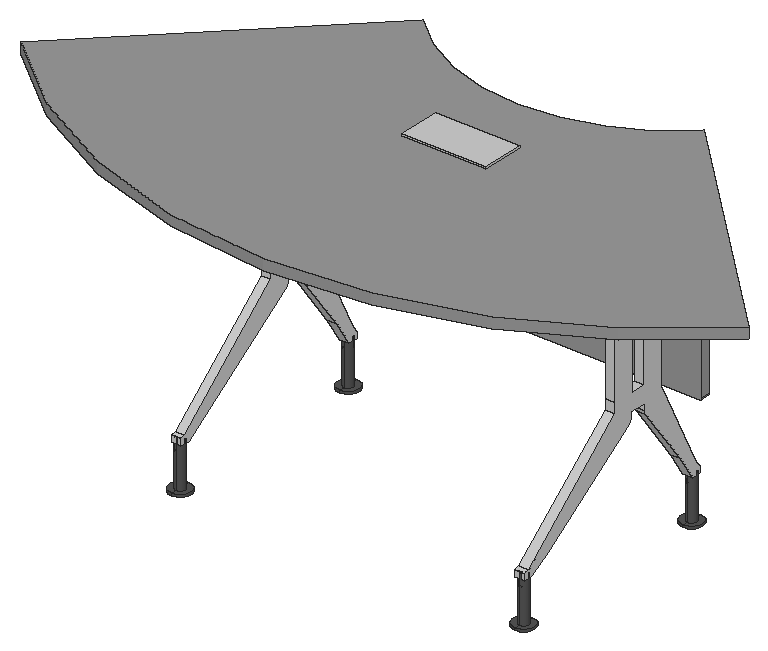
Revit family "Haworth_Planes_TrainingTable_Crescent_AP_PRELIMINARY", category Furniture, Revit 2019
Family settings
  OmniClass Number = 23.40.70.14.64.21
  OmniClass Title = Systems Furniture
  Work Plane-Based = No
  Always vertical = Yes
  Cut with Voids When Loaded = No
  Shared = No
  Room Calculation Point = No
Parameters (values of type "1700w x 750d")
  With Screen = yes
  Warranty = "http://www.haworth.com/resources/product-info/warranties"
  URL - Product = "https://www.haworth.com/ap/en/products/conference-tables/planes-0.html"
  Trim Finish = Haworth _ Polymer _ Undecided
  Top Finish [instance] = Haworth _ Laminate _ Undecided _ Tables
  Support Finish [instance] = Haworth _ Paint _ Undecided _ Table
  Small = not(Large)  # no
  Screen Width = Actual Width - 800 mm  # 900 mm
  Screen Finish [instance] = Haworth _ Fabric _ Undecided _ Screen
  Model = "WOPLTRB"  # constant formula
  Base Width = 1200 mm  # constant formula
  Leg Height = Actual Height - 25 mm  # 715 mm
  Large = yes
  Glides = yes
  Flip Top Finish = Haworth _ Paint _ Undecided _ Table
  Flip Top = yes
  Description = "Haworth - Planes - Training Table - Crescent"  # constant formula
  URL = "https://www.haworth.com/ap/en.html"
  Size = "Verify Final Dim. w/ Haworth"  # constant formula
  Revision Number = "1"  # constant formula
  Manufacturer = "Haworth"  # constant formula
  Casters = not(Glides)  # no
  Caster Finish = Haworth _ Polymer _ Black
  Author = "Haworth (Abd Rahman)"  # constant formula
  Assembly Code = "E2020200"
  Actual Width = 1700 mm  # constant formula
  Actual Height = 740 mm  # constant formula
  Actual Depth = if(Small, 650 mm, 750 mm)  # 750 mm
Reference planes
  plane 1 "Center F/B": y = 0
  plane 2: z = 0
  plane 3 "Top": z = 740
  plane 4: x = 0
  plane 5: z = 715
  plane 6: x = -600
  plane 7: x = 600
  plane 8: y = 375
  plane 9: y = -375
  plane 10: y = -325
  plane 11: x = 430
  plane 12: y = 275
  plane 13: x = -430
  plane 14: y = 102.482
  plane 15: x = 350
  plane 16: x = -350
  plane 17: z = 689.941
  plane 18: x = -850
  plane 19: x = 850
Dimensions and locks
  "Actual Height": plane 3 "Top" to level
  "Base Width": plane 6 to plane 7
  equal spacing: plane 6, plane 4, plane 7
  equal spacing: plane 8, plane 1 "Center F/B", plane 9
  "Actual Depth": plane 8 to plane 9
  locked: plane 3 "Top" to plane 5 at 25
  locked: plane 6 to plane 13 at 170
  locked: plane 11 to plane 7 at 170
  locked: plane 10 to plane 9 at 50
  locked: plane 12 to plane 8 at 100
  locked: plane 1 "Center F/B" to plane 14 at 102.482
  locked: plane 15 to plane 7 at 250
  locked: plane 6 to plane 16 at 250
  locked: plane 5 to plane 17 at 25.059
  equal spacing: plane 18, plane 4, plane 19
  "Actual Width": plane 18 to plane 19
  aligned and locked: nested 2 to plane 4
  aligned and locked: plane 1 "Center F/B" to nested 2
  aligned and locked: plane 3 "Top" to nested 2
  aligned and locked: level to nested 4
  aligned and locked: level to nested 3
  aligned and locked: nested 1 to plane 4
  aligned and locked: plane 5 to nested 1
  aligned and locked: nested 5 to plane 4
  aligned and locked: nested 6 to plane 4
  aligned and locked: nested 6 to plane 3 "Top"
  aligned and locked: plane 1 "Center F/B" to nested 4
  aligned and locked: nested 4 to plane 11
  aligned and locked: plane 1 "Center F/B" to nested 3
  aligned and locked: plane 13 to nested 3
  aligned and locked: plane 14 to nested 5
  aligned and locked: nested 7 to plane 15
  aligned and locked: plane 1 "Center F/B" to nested 7
  aligned and locked: nested 8 to plane 16
  aligned and locked: nested 8 to plane 1 "Center F/B"
  aligned and locked: nested 8 to plane 5
  aligned and locked: plane 5 to nested 7
  aligned and locked: nested 5 to plane 17
  aligned and locked: nested 1 to plane 12
  aligned and locked: plane 14 to nested 6
Nested families
  nested 1: "Haworth_Planes_ModestyPanel-PART" at (0, -116, -463.707), Screen Finish <- "Screen Finish", Trim Finish <- "Trim Finish", visible <- "With Screen", type "Modesty Panel"
    with Trim Finish Haworth _ Polymer _ Undecided, Screen Finish Haworth _ Fabric _ Undecided _ Screen, Actual Width 900 mm
  nested 2: "Haworth_Planes_Top_Training_Crescent_AP-PART" at (556.859, 72.1, 5), Top Finish <- "Top Finish", type "Training Table - Top"
    with Top Finish Haworth _ Laminate _ Undecided _ Tables, Squared Corners - Small no, Squared Corners - Large yes, Actual Depth 750 mm
  nested 3: "Haworth_Planes_YLeg_Linear-PART" at (-884, 29.1, 0.293), Support Finish <- "Support Finish", type "Leg"
    with Support Finish Haworth _ Paint _ Undecided _ Table, Glides yes, Casters no
  nested 4: "Haworth_Planes_YLeg_Linear-PART" at (-70, 29.1, 0.293), Support Finish <- "Support Finish", type "Leg"
    with Support Finish Haworth _ Paint _ Undecided _ Table, Glides yes, Casters no
  nested 5: "Haworth_Planes_Beam_Understructure-PART" at (0, 131.582, -25.059), Support Finish <- "Support Finish", type "Beam Understructure"
    with Support Finish Haworth _ Paint _ Undecided _ Table, Actual Width 800 mm
  nested 6: "Haworth-Flip Top" at (-14.487, 101.149, -60), visible <- "Flip Top", type "Flip Top - Visio"
    with Actual Width 200 mm, Actual Depth 100 mm
  nested 7: "Haworth_Planes_DeskUnderstructure-PART" at (350, 29.1, 0), Support Finish <- "Support Finish", type "Desk Understructure"
    with Support Finish Haworth _ Paint _ Undecided _ Table
  nested 8: "Haworth_Planes_DeskUnderstructure-PART" at (-350, 29.1, 0) x (-1, 0, 0) z (0, 0, 1), Support Finish <- "Support Finish", type "Desk Understructure"
    with Support Finish Haworth _ Paint _ Undecided _ Table
Definition of nested family "Haworth_Planes_ModestyPanel-PART"
  Parameters (values of type "Modesty Panel")
    Warranty = "http://www.haworth.com/resources/product-info/warranties"
    URL - Product = "\"Haworth - Planes - Modesty Panel\""
    URL = "https://www.haworth.com/eu/en.html"
    Trim Finish [instance] = none
    Thickness = 32 mm  # constant formula
    Size = "Verify Final Dim. w/ Haworth"  # constant formula
    Screen Finish [instance] = none
    Revision Number = ""
    Model = "Haworth - Planes - Modesty Panel"  # constant formula
    Manufacturer = "Haworth"  # constant formula
    Description = "Haworth - Planes - Modesty Panel"  # constant formula
    Author = "Haworth (Abd Rahman)"  # constant formula
    Assembly Code = ""
    Actual Width = 1300 mm
    Actual Height = 400 mm
    Actual Depth = 20 mm  # constant formula
  Reference planes
    plane 1 "Center F/B": y = 381
    plane 2: z = 0
    plane 3 "Center L/R": x = 0
    plane 4 "Table Front": y = 391
    plane 5 "Table Right": x = 650
    plane 6 "Table Left": x = -650
    plane 7 "Table Back": y = 371
    plane 8: z = 745.582
    plane 9: z = 1145.582
    plane 10: x = 400.779
    plane 11: x = -400.779
    plane 12: z = 1178.707
    plane 13: y = 399.573
  Forms (mm)
    Extrusion 1, solid, material <- "Screen Finish"
      sketch origin (0, 391, 0) x (-1, 0, 0) y (0, 0, 1)
        loop
          line (645, 1145.582) -> (-645, 1145.582)
          arc (-645, 1145.582) -> (-648.536, 1144.118) -> (-650, 1140.582) r 5
          line (-650, 1140.582) -> (-650, 750.582)
          arc (-650, 750.582) -> (-648.536, 747.047) -> (-645, 745.582) r 5
          line (-645, 745.582) -> (645, 745.582)
          arc (645, 745.582) -> (648.536, 747.047) -> (650, 750.582) r 5
          line (650, 750.582) -> (650, 1140.582)
          arc (650, 1140.582) -> (648.536, 1144.118) -> (645, 1145.582) r 5
      from -20 to 0
  Lines and regions (mm)
    Masking region 1
      outline origin (0, 0, 0) x (1, 0, 0) y (0, 1, 0)
        loop
          line (-650, 391) -> (-650, 371) -> (650, 371) -> (650, 391) -> (-650, 391)
  Dimensions and locks
    "Actual Depth": plane 7 "Table Back" to plane 4 "Table Front"
    "Actual Width": plane 6 "Table Left" to plane 5 "Table Right"
    equal spacing: plane 6 "Table Left", plane 3 "Center L/R", plane 5 "Table Right"
    equal spacing: plane 4 "Table Front", plane 1 "Center F/B", plane 7 "Table Back"
    "Actual Height": plane 9 to plane 8
    locked: plane 11 to plane 6 "Table Left" at 249.221
    locked: plane 10 to plane 5 "Table Right" at 249.221
    plane 12 to plane 9 = 33.125 mm
    aligned and locked: Extrusion 1 sketch curve to plane 5 "Table Right"
    aligned and locked: plane 8 to Extrusion 1 sketch curve
    aligned and locked: nested 1 to plane 10
    aligned and locked: nested 2 to plane 11
    aligned and locked: plane 4 "Table Front" to Extrusion 1
    aligned and locked: plane 7 "Table Back" to Extrusion 1
    aligned and locked: plane 12 to nested 1
    aligned and locked: plane 12 to nested 2
    aligned and locked: plane 13 to nested 2
    aligned and locked: plane 13 to nested 1
    aligned and locked: plane 6 "Table Left" to Masking region 1 sketch curve
    aligned and locked: Masking region 1 sketch curve to plane 7 "Table Back"
    aligned and locked: plane 5 "Table Right" to Masking region 1 sketch curve
    aligned and locked: Masking region 1 sketch curve to plane 4 "Table Front"
  Automatic sketch dimensions
    plane 5 "Table Right" to Extrusion 1 sketch curve = 5 mm  (x2)
    Extrusion 1 sketch curve to Extrusion 1 sketch curve = 5 mm  (x2)
    Extrusion 1 sketch curve to plane 6 "Table Left" = 0 mm
    Extrusion 1 sketch curve to plane 9 = 0 mm
  Nested families
    nested 1: "Haworth_Planes_ModestyPanel-FixingKit-PART" at (11.175, 2353.951, 465.107), Trim Finish <- "Trim Finish", type "Fixing Kit"
      with Trim Finish none
    nested 2: "Haworth_Planes_ModestyPanel-FixingKit-PART" at (-790.384, 2353.951, 465.107), Trim Finish <- "Trim Finish", type "Fixing Kit"
      with Trim Finish none
  Definition of nested family "Haworth_Planes_ModestyPanel-FixingKit-PART"
    Parameters (values of type "Fixing Kit")
      Warranty = "http://www.haworth.com/resources/product-info/warranties"
      URL - Product = "https://www.haworth.com/eu/en/products/conference-tables/planes-0.html"
      URL = "https://www.haworth.com/eu/en.html"
      Trim Finish [instance] = none
      Size = "Verify Final Dim. w/ Haworth"  # constant formula
      Revision Number = ""
      Model = "Haworth - Planes - Modesty Panel"  # constant formula
      Manufacturer = "Haworth"  # constant formula
      Description = "Haworth - Planes - Modesty Panel"  # constant formula
      Author = "Haworth (Abd Rahman)"  # constant formula
      Assembly Code = ""
      Actual Width = 60 mm  # constant formula
      Actual Height = 400 mm
      Actual Depth = 80 mm  # constant formula
    Reference planes
      plane 1: z = 0
      plane 2: x = 419.604
      plane 3: x = 359.604
      plane 4: y = -2045.451
      plane 5: y = -1965.451
      plane 6: x = 389.604
      plane 7: y = -2005.451
      plane 8: z = 713.6
      plane 9: z = 646.069
    Forms (mm)
      Extrusion 1, solid, material <- "Trim Finish"
        sketch origin (0, 0, 0) x (1, 0, 0) y (0, 1, 0)
          loop
            line (359.604, -1966.95) -> (359.604, -2043.951) -> (361.104, -2045.451) -> (418.104, -2045.451) -> (419.604, -2043.951) -> (419.604, -1966.95) -> (418.104, -1965.451) -> (400.162, -1965.451) -> (400.162, -1990.429) -> (379.046, -1990.429) -> (379.046, -1965.451) -> (361.104, -1965.451) -> (359.604, -1966.95)
        from 694.159 to 713.6
      Extrusion 2, solid, material <- "Trim Finish"
        sketch origin (0, 0, 0) x (1, 0, 0) y (0, 1, 0)
          loop
            line (382.136, -1955.878) -> (382.136, -1990.429) -> (397.072, -1990.429) -> (397.072, -1955.878) -> (395.572, -1954.378) -> (383.637, -1954.378) -> (382.136, -1955.878)
        from 703.859 to 710.25
      Extrusion 3, solid, material <- "Trim Finish"
        sketch origin (700, 0, 0) x (0, -1, 0) y (0, 0, 1)
          loop
            line (2038.451, 694.159) -> (1970.296, 694.159) -> (1970.296, 683.014)
            arc (1970.296, 683.014) -> (1971.43, 680.646) -> (1973.987, 680.046) r 3.039
            line (1973.987, 680.046) -> (2038.451, 694.159)
        from 283.261 to 337.338
      Extrusion 4, solid, material <- "Trim Finish"
        sketch origin (700, 0, 0) x (0, -1, 0) y (0, 0, 1)
          loop
            arc (1989.867, 673.842) -> (1986.219, 683.857) -> (1977.537, 690.041) r 17.962
            arc (1977.537, 690.041) -> (1969.985, 689.966) -> (1965.918, 683.601) r 7.933
            line (1965.918, 683.601) -> (1965.918, 678.966) -> (1970.296, 678.966) -> (1970.296, 683.343) -> (1976.219, 683.343) -> (1976.219, 678.966) -> (1981.884, 678.966) -> (1981.884, 646.069) -> (1989.867, 646.069) -> (1989.867, 673.842)
        from 280.3 to 340.299
      Extrusion 5, void
        sketch origin (0, 397, 0) x (-1, 0, 0) y (0, 0, 1)
          loop
            line (-413.2, 690.94) -> (-413.2, 669.953) -> (-416.701, 669.953)
            arc (-416.701, 669.953) -> (-418.822, 669.074) -> (-419.7, 666.953) r 3
            line (-419.7, 666.953) -> (-419.7, 649.069)
            arc (-419.7, 649.069) -> (-418.822, 646.947) -> (-416.7, 646.069) r 3
            line (-416.7, 646.069) -> (-362.443, 646.069)
            arc (-362.443, 646.069) -> (-360.322, 646.947) -> (-359.443, 649.069) r 3
            line (-359.443, 649.069) -> (-359.443, 666.982)
            arc (-359.443, 666.982) -> (-360.313, 669.083) -> (-362.413, 669.953) r 2.97
            line (-362.413, 669.953) -> (-365.943, 669.953) -> (-365.943, 690.94) -> (-378.572, 690.94) -> (-378.572, 669.953) -> (-400.572, 669.953) -> (-400.572, 690.94) -> (-413.2, 690.94)
          loop
            line (-354.992, 695.369) -> (-426.878, 695.369) -> (-426.878, 640.369) -> (-354.992, 640.369) -> (-354.992, 695.369)
        from -2414.06 to -2318.616
      Extrusion 6, solid, material <- "Trim Finish"
        sketch origin (0, 0, 0) x (1, 0, 0) y (0, 1, 0)
          loop
            line (400.162, -1990.429) -> (400.162, -1965.451) -> (379.046, -1965.451) -> (379.046, -1990.429) -> (400.162, -1990.429)
        from 694.159 to 707.6
    Cuts and joins
      Extrusion 5 cuts Extrusion 4
      joined: Extrusion 1, Extrusion 2, Extrusion 3, Extrusion 4, Extrusion 6
    Lines and regions (mm)
      Masking region 1
        outline origin (0, 0, 0) x (1, 0, 0) y (0, 1, 0)
          loop
            line (359.604, -1966.95) -> (359.604, -2043.951) -> (361.104, -2045.451) -> (418.104, -2045.451) -> (419.604, -2043.951) -> (419.604, -1966.95) -> (418.104, -1965.451) -> (400.162, -1965.451) -> (400.162, -1990.429) -> (397.072, -1990.429) -> (397.072, -1955.878) -> (395.572, -1954.378) -> (383.637, -1954.378) -> (382.136, -1955.878) -> (382.136, -1990.429) -> (379.046, -1990.429) -> (379.046, -1965.451) -> (361.104, -1965.451) -> (359.604, -1966.95)
    Dimensions and locks
      equal spacing: plane 3, plane 6, plane 2
      "Actual Width": plane 3 to plane 2
      "Actual Depth": plane 4 to plane 5
      equal spacing: plane 4, plane 7, plane 5
    Automatic sketch dimensions
      Extrusion 1 sketch curve to plane 3 = 0 mm
      plane 4 to Extrusion 1 sketch curve = 0 mm
      plane 5 to Extrusion 1 sketch curve = 0 mm  (x2)
      Extrusion 1 sketch curve to plane 2 = 0 mm
      Extrusion 1 sketch curve to plane 3 = 1.5 mm  (x2)
      Extrusion 1 sketch curve to plane 6 = 10.558 mm
      plane 6 to Extrusion 1 sketch curve = 10.558 mm
      plane 2 to Extrusion 1 sketch curve = 1.5 mm  (x2)
      Extrusion 1 sketch curve to plane 4 = 1.5 mm  (x2)
      plane 5 to Extrusion 1 sketch curve = 1.5 mm  (x2)
      Extrusion 2 sketch curve to plane 6 = 7.468 mm
      Extrusion 2 sketch curve to Extrusion 2 sketch curve = 1.5 mm  (x3)
      plane 6 to Extrusion 2 sketch curve = 5.968 mm
      Extrusion 2 sketch curve to plane 5 = 9.573 mm  (x2)
      plane 5 to Extrusion 3 sketch curve = 4.845 mm
      Extrusion 3 sketch curve to Extrusion 3 sketch curve = 3.039 mm
      Extrusion 3 sketch curve to Extrusion 3 sketch curve = 0.652 mm
      Extrusion 3 sketch curve to plane 4 = 7 mm
      Extrusion 3 sketch curve to Extrusion 3 sketch curve = 11.145 mm
      plane 5 to Extrusion 4 sketch curve = 0.468 mm
      Extrusion 4 sketch curve to Extrusion 4 sketch curve = 4.378 mm
      Extrusion 4 sketch curve to Extrusion 4 sketch curve = 1.629 mm
      Extrusion 4 sketch curve to Extrusion 4 sketch curve = 3.535 mm
      Extrusion 4 sketch curve to Extrusion 4 sketch curve = 2.388 mm
      plane 5 to Extrusion 4 sketch curve = 16.433 mm
      Extrusion 4 sketch curve to Extrusion 4 sketch curve = 7.983 mm
      Extrusion 4 sketch curve to Extrusion 4 sketch curve = 26.91 mm
      Extrusion 4 sketch curve to Extrusion 4 sketch curve = 0.864 mm
      Extrusion 4 sketch curve to Extrusion 4 sketch curve = 5.987 mm  (x2)
      Extrusion 4 sketch curve to Extrusion 4 sketch curve = 4.062 mm
      Extrusion 4 sketch curve to Extrusion 4 sketch curve = 0.316 mm
      Extrusion 4 sketch curve to Extrusion 4 sketch curve = 0.258 mm
      Extrusion 5 sketch curve to plane 2 = 7.274 mm
      Extrusion 5 sketch curve to plane 2 = 0.096 mm
      plane 2 to Extrusion 5 sketch curve = 2.904 mm  (x2)
      Extrusion 5 sketch curve to Extrusion 5 sketch curve = 3.5 mm
      plane 6 to Extrusion 5 sketch curve = 10.967 mm
      Extrusion 5 sketch curve to plane 6 = 11.033 mm
      Extrusion 5 sketch curve to plane 3 = 6.339 mm
      Extrusion 5 sketch curve to plane 3 = 2.839 mm
      Extrusion 5 sketch curve to plane 3 = 2.809 mm
      plane 3 to Extrusion 5 sketch curve = 0.161 mm
      plane 3 to Extrusion 5 sketch curve = 4.613 mm
      Extrusion 5 sketch curve to Extrusion 5 sketch curve = 5.7 mm
      Extrusion 5 sketch curve to Extrusion 5 sketch curve = 17.884 mm
      Extrusion 5 sketch curve to Extrusion 5 sketch curve = 17.914 mm
      Extrusion 5 sketch curve to Extrusion 5 sketch curve = 0 mm
      Extrusion 5 sketch curve to Extrusion 5 sketch curve = 20.987 mm  (x2)
      Extrusion 5 sketch curve to Extrusion 5 sketch curve = 4.429 mm
      plane 5 to Extrusion 6 sketch curve = 0 mm
      Extrusion 6 sketch curve to plane 6 = 10.558 mm
      plane 6 to Extrusion 6 sketch curve = 10.558 mm
      Extrusion 1 sketch curve to Extrusion 1 sketch curve = 24.978 mm
      plane 5 to Extrusion 2 sketch curve = 24.978 mm
      plane 5 to Extrusion 6 sketch curve = 24.978 mm
      level to Extrusion 3 sketch curve = 680.046 mm
      level to Extrusion 4 sketch curve = 646.069 mm
      level to Extrusion 5 sketch curve = 640.369 mm
      Masking region 1 sketch curve to plane 3 = 0 mm
      plane 4 to Masking region 1 sketch curve = 0 mm
      plane 5 to Masking region 1 sketch curve = 0 mm  (x2)
      Masking region 1 sketch curve to plane 2 = 0 mm
      Masking region 1 sketch curve to plane 3 = 1.5 mm  (x2)
      Masking region 1 sketch curve to plane 6 = 10.558 mm
      plane 6 to Masking region 1 sketch curve = 10.558 mm
      plane 2 to Masking region 1 sketch curve = 1.5 mm  (x2)
      Masking region 1 sketch curve to plane 4 = 1.5 mm  (x2)
      plane 7 to Masking region 1 sketch curve = 15.022 mm  (x2)
      plane 5 to Masking region 1 sketch curve = 1.5 mm  (x2)
      Masking region 1 sketch curve to Masking region 1 sketch curve = 3.09 mm  (x2)
      Masking region 1 sketch curve to plane 5 = 9.573 mm
      Masking region 1 sketch curve to Masking region 1 sketch curve = 1.5 mm  (x3)
      plane 6 to Masking region 1 sketch curve = 5.968 mm
Definition of nested family "Haworth_Planes_Top_Training_Crescent_AP-PART"
  Parameters (values of type "Training Table - Top")
    Warranty = "http://www.haworth.com/resources/product-info/warranties"
    URL - Product = ""
    URL = ""
    Top Finish [instance] = none
    Thickness = 25 mm
    Squared Corners - Small = yes
    Squared Corners - Large = no
    Small = no
    Size = "Verify Final Dim. w/ Haworth"  # constant formula
    Revision Number = "1"  # constant formula
    Model = ""
    Manufacturer = "Haworth"  # constant formula
    Large = yes
    Description = ""
    Cascade - Small = no
    Cascade - Large = no
    Author = "Haworth (Abd Rahman)"  # constant formula
    Assembly Code = "E2020200"
    Actual Width = 1700 mm
    Actual Mounting Height = 450 mm
    Actual Depth = 650 mm
  Reference planes
    plane 1: z = -5
    plane 2: x = -1406.859
    plane 3: x = 293.141
    plane 4: x = -556.859
    plane 5: y = 252.9
    plane 6: y = -397.1
    plane 7: y = -72.1
    plane 8: z = 735
    plane 9: z = 710
    plane 10: z = 725.685
  Forms (mm)
    Extrusion 1, solid, material <- "Top Finish", visible <- "Squared Corners - Small"
      sketch origin (0, 10, -5) x (1, 0, 0) y (0, 1, 0)
        loop
          line (304.641, -135.942) -> (-151.633, 270.332)
          arc (-151.633, 270.332) -> (-556.737, 106.723) -> (-961.841, 270.332) r 583.333
          line (-961.841, 270.332) -> (-1418.115, -135.942)
          arc (-1418.115, -135.942) -> (-556.737, -507.342) -> (304.641, -135.942) r 1184.585
      from 715 to 740
    Blend 2, solid, material <- "Top Finish", visible <- "Cascade - Small"
      base sketch origin (0, 10, -5) x (1, 0, 0) y (0, 1, 0)
        loop
          line (-961.583, 252.206) -> (-1399.671, -135.882)
          arc (-1399.671, -135.882) -> (-556.737, -493.957) -> (286.197, -135.882) r 1171.2
          line (286.197, -135.882) -> (-151.891, 252.206)
          arc (-151.891, 252.206) -> (-556.737, 93.723) -> (-961.583, 252.206) r 596.333
      top sketch origin (0, 10, -5) x (1, 0, 0) y (0, 1, 0)
        loop
          line (304.641, -135.942) -> (-151.633, 270.332)
          arc (-151.633, 270.332) -> (-556.737, 106.723) -> (-961.841, 270.332) r 583.333
          line (-961.841, 270.332) -> (-1418.115, -135.942)
          arc (-1418.115, -135.942) -> (-556.737, -507.342) -> (304.641, -135.942) r 1184.585
      from 715 to 730.685
    Extrusion 3, solid, material <- "Top Finish", visible <- "Cascade - Small"
      sketch origin (0, 10, -5) x (1, 0, 0) y (0, 1, 0)
        loop
          line (304.641, -135.942) -> (-151.633, 270.332)
          arc (-151.633, 270.332) -> (-556.737, 106.723) -> (-961.841, 270.332) r 583.333
          line (-961.841, 270.332) -> (-1418.115, -135.942)
          arc (-1418.115, -135.942) -> (-556.737, -507.342) -> (304.641, -135.942) r 1184.585
      from 730.685 to 740
    Extrusion 4, solid, material <- "Top Finish", visible <- "Squared Corners - Large"
      sketch origin (-10, 60, -5) x (1, 0, 0) y (0, 1, 0)
        loop
          line (306.757, -244.773) -> (-223.333, 235.318)
          arc (-223.333, 235.318) -> (-555.742, 97.455) -> (-888.15, 235.318) r 469.674
          line (-888.15, 235.318) -> (-1418.241, -244.773)
          arc (-1418.241, -244.773) -> (-555.742, -618.019) -> (306.757, -244.773) r 1183.156
      from 715 to 740
    Blend 5, solid, material <- "Top Finish", visible <- "Cascade - Large"
      base sketch origin (-10, 60, -5) x (1, 0, 0) y (0, 1, 0)
        loop
          arc (-223.449, 217.049) -> (-555.742, 84.455) -> (-888.034, 217.049) r 482.674
          line (-888.034, 217.049) -> (-1399.82, -244.737)
          arc (-1399.82, -244.737) -> (-555.742, -604.635) -> (288.337, -244.737) r 1169.771
          line (288.337, -244.737) -> (-223.449, 217.049)
      top sketch origin (-10, 60, -5) x (1, 0, 0) y (0, 1, 0)
        loop
          line (306.757, -244.773) -> (-223.333, 235.318)
          arc (-223.333, 235.318) -> (-555.742, 97.455) -> (-888.15, 235.318) r 469.674
          line (-888.15, 235.318) -> (-1418.241, -244.773)
          arc (-1418.241, -244.773) -> (-555.742, -618.019) -> (306.757, -244.773) r 1183.156
      from 715 to 730.685
    Extrusion 6, solid, material <- "Top Finish", visible <- "Cascade - Large"
      sketch origin (-10, 60, -5) x (1, 0, 0) y (0, 1, 0)
        loop
          line (306.757, -244.773) -> (-223.333, 235.318)
          arc (-223.333, 235.318) -> (-555.742, 97.455) -> (-888.15, 235.318) r 469.674
          line (-888.15, 235.318) -> (-1418.241, -244.773)
          arc (-1418.241, -244.773) -> (-555.742, -618.019) -> (306.757, -244.773) r 1183.156
      from 730.685 to 740
  Cuts and joins
    joined: Blend 2, Extrusion 3
    joined: Blend 5, Extrusion 6
  Lines and regions (mm)
    Masking region 1, visible <- "Small"
      outline origin (0, 10, -5) x (1, 0, 0) y (0, 1, 0)
        loop
          line (304.641, -135.942) -> (-151.633, 270.332)
          arc (-151.633, 270.332) -> (-556.737, 106.723) -> (-961.841, 270.332) r 583.333
          line (-961.841, 270.332) -> (-1418.115, -135.942)
          arc (-1418.115, -135.942) -> (-556.737, -507.342) -> (304.641, -135.942) r 1184.585
    Masking region 2, visible <- "Large"
      outline origin (-10, 60, -5) x (1, 0, 0) y (0, 1, 0)
        loop
          line (306.757, -244.773) -> (-223.333, 235.318)
          arc (-223.333, 235.318) -> (-555.742, 97.455) -> (-888.15, 235.318) r 469.674
          line (-888.15, 235.318) -> (-1418.241, -244.773)
          arc (-1418.241, -244.773) -> (-555.742, -618.019) -> (306.757, -244.773) r 1183.156
  Dimensions and locks
    equal spacing: plane 2, plane 4, plane 3
    equal spacing: plane 6, plane 7, plane 5
    "Actual Width": plane 2 to plane 3
    "Actual Depth": plane 6 to plane 5
    plane 8 to plane 10 to plane 9 = 9.315 mm locked, 15.685 mm locked
    aligned and locked: level to plane 1
    aligned and locked: plane 8 to Extrusion 1
    aligned and locked: Extrusion 1 to plane 9
    aligned and locked: Blend 2 to plane 9
    aligned and locked: plane 10 to Blend 2
    aligned and locked: plane 8 to Extrusion 3
    aligned and locked: Extrusion 3 to plane 10
  Automatic sketch dimensions
    plane 2 to Extrusion 1 sketch curve = 11.256 mm
    Extrusion 1 sketch curve to plane 5 = 27.432 mm  (x2)
    Extrusion 1 sketch curve to plane 4 = 404.982 mm
    plane 4 to Extrusion 1 sketch curve = 0.122 mm  (x2)
    Extrusion 1 sketch curve to plane 3 = 11.5 mm
    plane 7 to Extrusion 1 sketch curve = 53.842 mm
    Extrusion 1 sketch curve to plane 5 = 434.343 mm
    Extrusion 1 sketch curve to Extrusion 1 sketch curve = 12.813 mm
    Blend 2 sketch curve to plane 5 = 9.306 mm  (x2)
    Blend 2 sketch curve to plane 4 = 404.724 mm
    plane 4 to Blend 2 sketch curve = 0.122 mm  (x4)
    plane 7 to Blend 2 sketch curve = 53.782 mm
    Blend 2 sketch curve to plane 5 = 434.343 mm  (x2)
    Blend 2 sketch curve to Blend 2 sketch curve = 12.813 mm  (x2)
    plane 2 to Blend 2 sketch curve = 11.256 mm
    Blend 2 sketch curve to plane 5 = 27.432 mm  (x2)
    Blend 2 sketch curve to plane 4 = 404.982 mm
    Blend 2 sketch curve to plane 3 = 11.5 mm
    plane 7 to Blend 2 sketch curve = 53.842 mm
    plane 2 to Extrusion 3 sketch curve = 11.256 mm
    Extrusion 3 sketch curve to plane 5 = 27.432 mm  (x2)
    Extrusion 3 sketch curve to plane 4 = 404.982 mm
    plane 4 to Extrusion 3 sketch curve = 0.122 mm  (x2)
    Extrusion 3 sketch curve to plane 3 = 11.5 mm
    plane 7 to Extrusion 3 sketch curve = 53.842 mm
    Extrusion 3 sketch curve to plane 5 = 434.343 mm
    Extrusion 3 sketch curve to Extrusion 3 sketch curve = 12.813 mm
    plane 2 to Masking region 1 sketch curve = 11.256 mm
    Masking region 1 sketch curve to plane 5 = 27.432 mm  (x2)
    Masking region 1 sketch curve to plane 4 = 404.982 mm
    plane 4 to Masking region 1 sketch curve = 0.122 mm  (x2)
    Masking region 1 sketch curve to plane 3 = 11.5 mm
    plane 7 to Masking region 1 sketch curve = 53.842 mm
    Masking region 1 sketch curve to plane 5 = 434.343 mm
    Masking region 1 sketch curve to Masking region 1 sketch curve = 12.813 mm
    Masking region 2 sketch curve to Masking region 2 sketch curve = 0 mm
    Masking region 2 sketch curve to plane 5 = 372.236 mm
    Masking region 2 sketch curve to Masking region 2 sketch curve = 1.993 mm
    plane 7 to Masking region 2 sketch curve = 112.673 mm  (x2)
    plane 2 to Masking region 2 sketch curve = 21.382 mm
    Masking region 2 sketch curve to Masking region 2 sketch curve = 530.091 mm
    Masking region 2 sketch curve to Masking region 2 sketch curve = 332.408 mm
    plane 7 to Extrusion 6 sketch curve = 112.673 mm  (x2)
    plane 2 to Extrusion 6 sketch curve = 21.382 mm
    Extrusion 6 sketch curve to Extrusion 6 sketch curve = 530.091 mm
    Extrusion 6 sketch curve to Extrusion 6 sketch curve = 332.408 mm
    Extrusion 6 sketch curve to Extrusion 6 sketch curve = 0 mm
    Extrusion 6 sketch curve to plane 5 = 372.236 mm
    Extrusion 6 sketch curve to Extrusion 6 sketch curve = 1.993 mm
    plane 7 to Extrusion 4 sketch curve = 112.673 mm  (x2)
    plane 2 to Extrusion 4 sketch curve = 21.382 mm
    Extrusion 4 sketch curve to Extrusion 4 sketch curve = 530.091 mm
    Extrusion 4 sketch curve to Extrusion 4 sketch curve = 332.408 mm
    Extrusion 4 sketch curve to Extrusion 4 sketch curve = 0 mm
    Extrusion 4 sketch curve to plane 5 = 372.236 mm
    Extrusion 4 sketch curve to Extrusion 4 sketch curve = 1.993 mm
    plane 7 to Blend 5 sketch curve = 112.673 mm  (x2)
    plane 2 to Blend 5 sketch curve = 21.382 mm
    Blend 5 sketch curve to Blend 5 sketch curve = 530.091 mm
    Blend 5 sketch curve to Blend 5 sketch curve = 332.408 mm
    Blend 5 sketch curve to Blend 5 sketch curve = 0 mm  (x2)
    Blend 5 sketch curve to plane 5 = 372.236 mm
    Blend 5 sketch curve to Blend 5 sketch curve = 1.993 mm  (x2)
    plane 7 to Blend 5 sketch curve = 112.637 mm  (x2)
    plane 2 to Blend 5 sketch curve = 2.961 mm
    Blend 5 sketch curve to Blend 5 sketch curve = 511.786 mm
    Blend 5 sketch curve to plane 5 = 374.229 mm
    Blend 5 sketch curve to Blend 5 sketch curve = 332.292 mm
    plane 3 to Blend 2 sketch curve = 6.944 mm
    Blend 2 sketch curve to plane 2 = 7.188 mm
    Extrusion 4 sketch curve to plane 5 = 42.418 mm
    plane 4 to Extrusion 4 sketch curve = 323.526 mm
    Blend 5 sketch curve to plane 5 = 24.149 mm
    plane 4 to Blend 5 sketch curve = 323.41 mm
    Blend 5 sketch curve to plane 5 = 42.418 mm
    plane 4 to Blend 5 sketch curve = 323.526 mm
    Extrusion 6 sketch curve to plane 5 = 42.418 mm
    plane 4 to Extrusion 6 sketch curve = 323.526 mm
    Masking region 2 sketch curve to plane 5 = 42.418 mm
    plane 4 to Masking region 2 sketch curve = 323.526 mm
Definition of nested family "Haworth_Planes_YLeg_Linear-PART"
  Parameters (values of type "Leg")
    Support Finish [instance] = none
    Leg Height = 715 mm
    Glides = no
    Casters = yes
    Caster Finish = none
    Assembly Code = ""
    Actual Width = 46 mm  # constant formula
    Actual Depth = 615 mm  # constant formula
  Reference planes
    plane 1 "Center (Front/Back)": y = -29.1
    plane 2: z = 0
    plane 3: x = 0
    plane 4 "Bottom of Top": z = 715
    plane 5: x = 500
    plane 6: y = -336.6
    plane 7: y = 278.4
    plane 8: x = 454
    plane 9: x = 478.436
    plane 10: y = 73.381
  Forms (mm)
    Extrusion 1, solid, material <- "Support Finish"
      sketch origin (0, 0, 0) x (0, 1, 0) y (0, 0, 1)
        loop
          line (141.775, 362.671) -> (141.775, 711.5) -> (138.276, 715) -> (95.4, 715) -> (91.901, 711.5) -> (91.901, 710) -> (91.902, 362.671) -> (54.861, 362.671) -> (54.862, 711.5) -> (51.363, 715) -> (4.987, 715) -> (4.987, 362.671) -> (4.987, 339.141) -> (-250.67, 120.532) -> (-261.964, 117.447) -> (-261.964, 102.565) -> (-240.287, 102.565) -> (-193.351, 131.527) -> (45.922, 298.707)
          arc (45.922, 298.707) -> (51.055, 304.416) -> (53.083, 311.821) r 16.665
          line (53.083, 311.821) -> (53.463, 322.671) -> (93.069, 322.671) -> (93.517, 307.315)
          arc (93.517, 307.315) -> (94.461, 302.191) -> (96.907, 297.591) r 17.074
          line (96.907, 297.591) -> (198.363, 160.527) -> (235.55, 102.565) -> (257.964, 102.565) -> (257.964, 117.447) -> (245.98, 132.282) -> (141.775, 339.141) -> (141.775, 362.671)
      from 467.621 to 489.832
    Extrusion 2, solid, material <- "Caster Finish"
      sketch origin (0, -0.312, 0) x (1, 0, 0) y (0, 1, 0)
        loop
          circle (477.789, -250.983) r 5.7
      from 61.935 to 87.325
    Extrusion 3, solid, material <- "Caster Finish"
      sketch origin (1.094, 0, 0) x (1, 0, 0) y (0, 1, 0)
        loop
          circle (477.656, -250.983) r 10.981
      from 87.325 to 117.447
    Extrusion 4, solid, material <- "Caster Finish"
      sketch origin (0, 497.653, 0) x (1, 0, 0) y (0, 1, 0)
        loop
          circle (477.789, -250.983) r 5.7
      from 61.935 to 87.325
    Extrusion 5, solid, material <- "Caster Finish"
      sketch origin (1.094, 497.966, 0) x (1, 0, 0) y (0, 1, 0)
        loop
          circle (477.656, -250.983) r 10.981
      from 87.325 to 117.447
    Extrusion 6, solid, material <- "Support Finish", visible <- "Casters"
      sketch origin (0, 0, -8.138) x (1, 0, 0) y (0, 1, 0)
        loop
          line (462.556, -326.656) -> (464.055, -328.156) -> (489.728, -328.156) -> (491.228, -326.656) -> (491.228, -311.934) -> (462.556, -311.934) -> (462.556, -326.656)
      from 40.081 to 44.029
    Extrusion 7, solid, material <- "Caster Finish", visible <- "Casters"
      sketch origin (-201.113, 0, -0.488) x (0, 1, 0) y (0, 0, 1)
        loop
          circle (-272.817, 40.081) r 39.593
      from 685.428 to 702.475
    Extrusion 8, solid, material <- "Support Finish", visible <- "Casters"
      sketch origin (-201.113, 0, -0.488) x (0, 1, 0) y (0, 0, 1)
        loop
          circle (-272.817, 40.081) r 33.398
      from 671.711 to 689.832
    Extrusion 9, solid, material <- "Support Finish", visible <- "Casters"
      sketch origin (0, 497.966, -8.138) x (1, 0, 0) y (0, 1, 0)
        loop
          line (462.556, -326.656) -> (464.055, -328.156) -> (489.728, -328.156) -> (491.228, -326.656) -> (491.228, -311.934) -> (462.556, -311.934) -> (462.556, -326.656)
      from 40.081 to 44.029
    Extrusion 10, solid, material <- "Caster Finish", visible <- "Casters"
      sketch origin (-201.113, 497.966, -0.488) x (0, 1, 0) y (0, 0, 1)
        loop
          circle (-272.817, 40.081) r 39.593
      from 685.428 to 702.475
    Extrusion 11, solid, material <- "Caster Finish", visible <- "Casters"
      sketch origin (-231.113, 497.966, -0.488) x (0, 1, 0) y (0, 0, 1)
        loop
          circle (-272.817, 40.081) r 39.593
      from 685.428 to 702.475
    Extrusion 12, solid, material <- "Support Finish", visible <- "Casters"
      sketch origin (-201.113, 497.966, -0.488) x (0, 1, 0) y (0, 0, 1)
        loop
          circle (-272.817, 40.081) r 33.398
      from 671.711 to 689.832
    Revolve 13, solid, material <- "Caster Finish", visible <- "Glides"
      sketch origin (478.75, 0, 0) x (0, 1, 0) y (0, 0, 1)
        loop
          line (246.829, 114.52) -> (235.716, 114.52) -> (235.716, 4.47) -> (221.429, 4.47) -> (221.429, -0.293) -> (246.829, -0.293) -> (246.829, 114.52)
        axis (246.829, 114.52) -> (246.829, -0.293)
      angle from 0 to 360
    Revolve 14, solid, material <- "Caster Finish", visible <- "Glides"
      sketch origin (478.75, -4.138, 0) x (0, -1, 0) y (0, 0, 1)
        loop
          line (246.829, 114.52) -> (235.716, 114.52) -> (235.716, 4.47) -> (221.429, 4.47) -> (221.429, -0.293) -> (246.829, -0.293) -> (246.829, 114.52)
        axis (246.829, 114.52) -> (246.829, -0.293)
      angle from 0 to 360
    Extrusion 15, solid, material <- "Caster Finish", visible <- "Casters"
      sketch origin (1156.737, 0, -0.488) x (0, 1, 0) y (0, 0, -1)
        loop
          circle (-272.817, -40.081) r 39.593
      from 685.428 to 702.475
  Cuts and joins
    joined: Extrusion 2, Extrusion 3, Extrusion 4, Extrusion 5
  Lines and regions (mm)
    Masking region 1
      outline origin (0, 0, 0) x (1, 0, 0) y (0, 1, 0)
        loop
          line (454, 278.4) -> (454, -336.6) -> (500, -336.6) -> (500, 278.4) -> (454, 278.4)
  Dimensions and locks
    "Leg Height": plane 4 "Bottom of Top" to level
    equal spacing: plane 6, plane 1 "Center (Front/Back)", plane 7
    "Actual Depth": plane 6 to plane 7
    "Actual Width": plane 8 to plane 5
    plane 8 to plane 9 to plane 5 = 24.436 mm, 21.564 mm
    locked: plane 1 "Center (Front/Back)" to plane 10 at 102.482
    aligned and locked: Masking region 1 sketch curve to plane 5
    aligned and locked: plane 7 to Masking region 1 sketch curve
    aligned and locked: plane 8 to Masking region 1 sketch curve
    aligned and locked: Masking region 1 sketch curve to plane 6
    aligned and locked: plane 4 "Bottom of Top" to Extrusion 1  (x2)
    aligned and locked: Extrusion 1 sketch curve to plane 4 "Bottom of Top"  (x2)
  Automatic sketch dimensions
    Extrusion 1 sketch curve to plane 6 = 74.636 mm
    Extrusion 1 sketch curve to Extrusion 1 sketch curve = 11.294 mm
    Extrusion 1 sketch curve to Extrusion 1 sketch curve = 10.383 mm
    Extrusion 1 sketch curve to Extrusion 1 sketch curve = 46.937 mm
    Extrusion 1 sketch curve to plane 1 "Center (Front/Back)" = 34.088 mm
    Extrusion 1 sketch curve to Extrusion 1 sketch curve = 31.441 mm
    Extrusion 1 sketch curve to Extrusion 1 sketch curve = 9.494 mm
    Extrusion 1 sketch curve to Extrusion 1 sketch curve = 46.375 mm
    Extrusion 1 sketch curve to Extrusion 1 sketch curve = 7.161 mm
    Extrusion 1 sketch curve to Extrusion 1 sketch curve = 0.379 mm
    Extrusion 1 sketch curve to Extrusion 1 sketch curve = 1.399 mm
    Extrusion 1 sketch curve to plane 4 "Bottom of Top" = 3.5 mm  (x3)
    Extrusion 1 sketch curve to Extrusion 1 sketch curve = 3.5 mm  (x2)
    Extrusion 1 sketch curve to Extrusion 1 sketch curve = 37.038 mm
    Extrusion 1 sketch curve to Extrusion 1 sketch curve = 37.041 mm
    Extrusion 1 sketch curve to Extrusion 1 sketch curve = 39.606 mm
    Extrusion 1 sketch curve to Extrusion 1 sketch curve = 0.448 mm
    Extrusion 1 sketch curve to Extrusion 1 sketch curve = 3.391 mm
    Extrusion 1 sketch curve to Extrusion 1 sketch curve = 13.676 mm
    Extrusion 1 sketch curve to Extrusion 1 sketch curve = 42.876 mm
    Extrusion 1 sketch curve to Extrusion 1 sketch curve = 49.874 mm
    plane 7 to Extrusion 1 sketch curve = 80.037 mm
    plane 7 to Extrusion 1 sketch curve = 42.85 mm
    Extrusion 1 sketch curve to Extrusion 1 sketch curve = 10.43 mm
    plane 7 to Extrusion 1 sketch curve = 20.435 mm
    Extrusion 1 sketch curve to Extrusion 1 sketch curve = 0 mm  (x4)
    Extrusion 1 sketch curve to Extrusion 1 sketch curve = 23.53 mm  (x2)
    Extrusion 1 sketch curve to Extrusion 1 sketch curve = 40 mm
    Extrusion 1 sketch curve to Extrusion 1 sketch curve = 10.268 mm
    Extrusion 1 sketch curve to Extrusion 1 sketch curve = 10.85 mm
    Extrusion 1 sketch curve to Extrusion 1 sketch curve = 14.858 mm
    Extrusion 1 sketch curve to Extrusion 1 sketch curve = 15.356 mm
    level to Extrusion 1 sketch curve = 160.527 mm
    Extrusion 1 sketch curve to Extrusion 1 sketch curve = 28.244 mm
    level to Extrusion 1 sketch curve = 131.527 mm
    Extrusion 1 sketch curve to Extrusion 1 sketch curve = 10.995 mm
    Extrusion 1 sketch curve to Extrusion 1 sketch curve = 3.085 mm
    Extrusion 1 sketch curve to Extrusion 1 sketch curve = 14.836 mm
    Extrusion 1 sketch curve to Extrusion 1 sketch curve = 17.967 mm
    Extrusion 1 sketch curve to Extrusion 1 sketch curve = 14.882 mm
    Extrusion 1 sketch curve to plane 4 "Bottom of Top" = 5 mm
    Extrusion 2 sketch curve to plane 5 = 22.211 mm
    Extrusion 2 sketch curve to plane 6 = 85.305 mm
    Extrusion 3 sketch curve to plane 5 = 21.25 mm
    Extrusion 3 sketch curve to plane 6 = 85.618 mm
    Extrusion 4 sketch curve to plane 5 = 22.211 mm
    plane 7 to Extrusion 4 sketch curve = 31.729 mm
    Extrusion 5 sketch curve to plane 5 = 21.25 mm
    plane 7 to Extrusion 5 sketch curve = 31.417 mm
    Extrusion 6 sketch curve to plane 5 = 37.444 mm
    Extrusion 6 sketch curve to Extrusion 6 sketch curve = 1.5 mm  (x4)
    Extrusion 6 sketch curve to plane 5 = 10.272 mm
    Extrusion 6 sketch curve to plane 6 = 8.444 mm
    Extrusion 6 sketch curve to Extrusion 6 sketch curve = 14.722 mm
    Extrusion 7 sketch curve to plane 6 = 63.784 mm
    level to Extrusion 7 sketch curve = 39.593 mm
    Extrusion 8 sketch curve to plane 6 = 63.784 mm
    level to Extrusion 8 sketch curve = 39.593 mm
    Extrusion 9 sketch curve to plane 5 = 37.444 mm
    Extrusion 9 sketch curve to Extrusion 9 sketch curve = 1.5 mm  (x4)
    Extrusion 9 sketch curve to plane 5 = 10.272 mm
    plane 7 to Extrusion 9 sketch curve = 108.59 mm
    Extrusion 9 sketch curve to Extrusion 9 sketch curve = 14.722 mm
    plane 7 to Extrusion 10 sketch curve = 53.25 mm
    level to Extrusion 10 sketch curve = 39.593 mm
    plane 7 to Extrusion 11 sketch curve = 53.25 mm
    level to Extrusion 11 sketch curve = 39.593 mm
    plane 7 to Extrusion 12 sketch curve = 53.25 mm
    level to Extrusion 12 sketch curve = 39.593 mm
    Revolve 13 sketch curve to level = 0 mm
    level to Revolve 13 sketch curve = 4.47 mm
    plane 7 to Revolve 13 sketch curve = 56.971 mm
    plane 7 to Revolve 13 sketch curve = 42.684 mm
    Revolve 13 sketch curve to Revolve 13 sketch curve = 11.113 mm
    Revolve 13 sketch curve to level = 0.293 mm
    Revolve 13 sketch curve to Revolve 13 sketch curve = 110.05 mm
    Revolve 13 sketch curve to Revolve 13 sketch curve = 0 mm
    Revolve 13 sketch curve to Revolve 13 sketch curve = 0.22 mm
    Revolve 14 sketch curve to level = 0 mm
    Revolve 14 sketch curve to level = 4.47 mm
    plane 6 to Revolve 14 sketch curve = 111.034 mm
    plane 6 to Revolve 14 sketch curve = 96.746 mm
    Revolve 14 sketch curve to Revolve 14 sketch curve = 11.113 mm
    level to Revolve 14 sketch curve = 0.293 mm
    Revolve 14 sketch curve to Revolve 14 sketch curve = 110.05 mm
    Revolve 14 sketch curve to Revolve 14 sketch curve = 0 mm
    Revolve 14 sketch curve to Revolve 14 sketch curve = 0.22 mm
    Extrusion 15 sketch curve to plane 6 = 63.784 mm
    level to Extrusion 15 sketch curve = 39.593 mm
    Extrusion 1 sketch curve to Extrusion 1 sketch curve = 137.064 mm
    radius of Extrusion 2 sketch curve = 5.7 mm
    radius of Extrusion 3 sketch curve = 10.981 mm
    radius of Extrusion 4 sketch curve = 5.7 mm
    radius of Extrusion 5 sketch curve = 10.981 mm
    radius of Extrusion 7 sketch curve = 39.593 mm
    radius of Extrusion 8 sketch curve = 33.398 mm
    radius of Extrusion 10 sketch curve = 39.593 mm
    radius of Extrusion 11 sketch curve = 39.593 mm
    radius of Extrusion 12 sketch curve = 33.398 mm
    radius of Extrusion 15 sketch curve = 39.593 mm
Definition of nested family "Haworth_Planes_Beam_Understructure-PART"
  Parameters (values of type "Beam Understructure")
    Support Finish [instance] = none
    Assembly Code = ""
    Actual Width = 1400 mm
    Actual Depth = 133 mm  # constant formula
  Reference planes
    plane 1 "Center (Front/Back)": y = -29.1
    plane 2: z = 0
    plane 3 "Center (Left/Right)": x = 0
    plane 4: z = 715
    plane 5: x = -700
    plane 6: x = 700
    plane 7: z = 635
    plane 8: y = 37.4
    plane 9: y = -95.6
  Forms (mm)
    Extrusion 1, solid, material <- "Support Finish"
      sketch origin (0, -102.4, 16.467) x (0, 1, 0) y (0, 0, 1)
        loop
          arc (110.838, 646.415) -> (111.458, 647.913) -> (112.956, 648.533) r 2.118
          line (112.956, 648.533) -> (131.591, 648.533)
          arc (131.591, 648.533) -> (137.423, 650.949) -> (139.838, 656.78) r 8.247
          line (139.838, 656.78) -> (139.838, 689.631)
          arc (139.838, 689.631) -> (137.231, 695.926) -> (130.936, 698.533) r 8.902
          line (130.936, 698.533) -> (121.938, 698.533)
          arc (121.938, 698.533) -> (120.453, 697.918) -> (119.838, 696.433) r 2.1
          line (119.838, 696.433) -> (119.838, 652.533) -> (118.839, 651.533) -> (112.838, 651.533)
          arc (112.838, 651.533) -> (109.302, 650.069) -> (107.838, 646.533) r 5
          line (107.838, 646.533) -> (107.838, 623.698)
          arc (107.838, 623.698) -> (107.204, 622.167) -> (105.674, 621.533) r 2.164
          line (105.674, 621.533) -> (40.925, 621.533)
          arc (40.925, 621.533) -> (39.449, 622.145) -> (38.838, 623.621) r 2.088
          line (38.838, 623.621) -> (38.838, 646.533)
          arc (38.838, 646.533) -> (37.373, 650.069) -> (33.838, 651.533) r 5
          line (33.838, 651.533) -> (27.838, 651.533) -> (26.838, 652.533) -> (26.838, 696.483)
          arc (26.838, 696.483) -> (26.238, 697.933) -> (24.789, 698.533) r 2.05
          line (24.789, 698.533) -> (15.348, 698.533)
          arc (15.348, 698.533) -> (9.331, 696.041) -> (6.838, 690.024) r 8.509
          line (6.838, 690.024) -> (6.838, 656.933)
          arc (6.838, 656.933) -> (9.299, 650.993) -> (15.239, 648.533) r 8.4
          line (15.239, 648.533) -> (33.79, 648.533)
          arc (33.79, 648.533) -> (35.238, 647.933) -> (35.838, 646.485) r 2.048
          line (35.838, 646.485) -> (35.838, 623.876)
          arc (35.838, 623.876) -> (37.403, 620.098) -> (41.18, 618.533) r 5.343
          line (41.18, 618.533) -> (105.838, 618.533)
          arc (105.838, 618.533) -> (109.373, 619.997) -> (110.838, 623.533) r 5
          line (110.838, 623.533) -> (110.838, 646.415)
      from -700 to 700
  Lines and regions (mm)
    Masking region 1
      outline origin (0, 0, 0) x (1, 0, 0) y (0, 1, 0)
        loop
          line (-700, 37.4) -> (-700, -95.6) -> (700, -95.6) -> (700, 37.4) -> (-700, 37.4)
  Dimensions and locks
    "Actual Width": plane 5 to plane 6
    equal spacing: plane 5, plane 3 "Center (Left/Right)", plane 6
    plane 7 to plane 4 = 80 mm
    equal spacing: plane 8, plane 1 "Center (Front/Back)", plane 9
    "Actual Depth": plane 8 to plane 9
    locked: plane 4 to plane 7 at 80
    aligned and locked: Extrusion 1 to plane 5
    aligned and locked: plane 6 to Extrusion 1
    aligned and locked: plane 9 to Masking region 1 sketch curve
    aligned and locked: Masking region 1 sketch curve to plane 8
    aligned and locked: Masking region 1 sketch curve to plane 6
    aligned and locked: plane 5 to Masking region 1 sketch curve
  Automatic sketch dimensions
    plane 1 "Center (Front/Back)" to Extrusion 1 sketch curve = 66.461 mm
    Extrusion 1 sketch curve to Extrusion 1 sketch curve = 8.4 mm
    Extrusion 1 sketch curve to Extrusion 1 sketch curve = 8.509 mm
    Extrusion 1 sketch curve to Extrusion 1 sketch curve = 9.441 mm
    Extrusion 1 sketch curve to Extrusion 1 sketch curve = 11.6 mm
    Extrusion 1 sketch curve to Extrusion 1 sketch curve = 1 mm  (x4)
    Extrusion 1 sketch curve to Extrusion 1 sketch curve = 5.952 mm
    Extrusion 1 sketch curve to Extrusion 1 sketch curve = 0.048 mm  (x2)
    Extrusion 1 sketch curve to Extrusion 1 sketch curve = 2.048 mm
    Extrusion 1 sketch curve to Extrusion 1 sketch curve = 3 mm  (x2)
    Extrusion 1 sketch curve to Extrusion 1 sketch curve = 2.088 mm
    Extrusion 1 sketch curve to Extrusion 1 sketch curve = 0.255 mm
    Extrusion 1 sketch curve to Extrusion 1 sketch curve = 64.493 mm
    Extrusion 1 sketch curve to Extrusion 1 sketch curve = 0.164 mm
    Extrusion 1 sketch curve to Extrusion 1 sketch curve = 2 mm  (x2)
    Extrusion 1 sketch curve to Extrusion 1 sketch curve = 0.118 mm  (x2)
    Extrusion 1 sketch curve to Extrusion 1 sketch curve = 6 mm
    Extrusion 1 sketch curve to Extrusion 1 sketch curve = 2.1 mm
    Extrusion 1 sketch curve to Extrusion 1 sketch curve = 8.998 mm
    Extrusion 1 sketch curve to Extrusion 1 sketch curve = 11.753 mm
    Extrusion 1 sketch curve to Extrusion 1 sketch curve = 8.902 mm
    Extrusion 1 sketch curve to plane 4 = 80 mm
    Extrusion 1 sketch curve to Extrusion 1 sketch curve = 2.343 mm
    Extrusion 1 sketch curve to Extrusion 1 sketch curve = 22.882 mm
    Extrusion 1 sketch curve to Extrusion 1 sketch curve = 22.61 mm
    Extrusion 1 sketch curve to plane 4 = 8.902 mm
    Extrusion 1 sketch curve to plane 4 = 8.509 mm
Definition of nested family "Haworth-Flip Top"
  Parameters (values of type "Flip Top - Visio")
    Warranty = ""
    URL - Product = ""
    URL = ""
    Sustainability Info = ""
    Size = "Verify Final Dim. w/ Haworth"  # constant formula
    Single Sided = no
    Single Sided Wide = yes
    Revision Number = ""
    OmniClass Number = ""
    Material Options = ""
    Manufacturer = "Haworth"  # constant formula
    LEED Data = ""
    Flip Top Height = 25 mm
    Flip Top Finish = none
    Double Sided = no
    Double Sided Wide = no
    Author = "SHAPE Environments, LLC"  # constant formula
    Assembly Code = ""
    Actual Width = 500 mm
    Actual Height = 800 mm
    Actual Depth = 110 mm
  Reference planes
    plane 1 "Center F/B": y = 1.333
    plane 2: z = 0
    plane 3 "Center L/R": x = 14.487
    plane 4 "Back": y = 56.333
    plane 5 "Right": x = 264.487
    plane 6 "Front": y = -53.667
    plane 7 "Left": x = -235.513
    plane 8 "Table Height": z = 800
    plane 9: z = 775
  Forms (mm)
    Extrusion 1, solid, material <- "Flip Top Finish"
      sketch origin (0, 0, 800) x (-1, 0, 0) y (0, -1, 0)
        loop
          line (235.513, -56.333) -> (235.513, 53.667) -> (-264.487, 53.667) -> (-264.487, -56.333) -> (235.513, -56.333)
      from 0 to 3.175
    Extrusion 2, solid, material <- "Flip Top Finish"
      sketch origin (0, 0, 800) x (-1, 0, 0) y (0, -1, 0)
        loop
          line (232.338, -51.571) -> (232.338, 48.904) -> (-261.312, 48.904) -> (-261.312, -51.571) -> (232.338, -51.571)
      from 0 to -25
  Cuts and joins
    joined: Extrusion 1, Extrusion 2
  Lines and regions (mm)
    symbolic lines
      curve 1: line (-235.513, 56.333, 800) -> (264.487, 56.333, 800)
      curve 2: line (-235.513, -53.667, 800) -> (-235.513, 56.333, 800)
      curve 3: line (264.487, -53.667, 800) -> (-235.513, -53.667, 800)
      curve 4: line (264.487, 56.333, 800) -> (264.487, -53.667, 800)
  Dimensions and locks
    equal spacing: plane 7 "Left", plane 3 "Center L/R", plane 5 "Right"
    "Actual Width": plane 7 "Left" to plane 5 "Right"
    equal spacing: plane 6 "Front", plane 1 "Center F/B", plane 4 "Back"
    "Actual Depth": plane 4 "Back" to plane 6 "Front"
    plane 7 "Left" to Extrusion 2 sketch curve = 3.175 mm
    plane 4 "Back" to Extrusion 2 sketch curve = 4.762 mm
    Extrusion 2 sketch curve to plane 5 "Right" = 3.175 mm
    Extrusion 2 sketch curve to plane 6 "Front" = 4.763 mm
    "Actual Height": plane 8 "Table Height" to level
    "Flip Top Height": plane 8 "Table Height" to plane 9
    aligned and locked: plane 7 "Left" to Extrusion 1 sketch curve
    aligned and locked: Extrusion 1 sketch curve to plane 4 "Back"
    aligned and locked: Extrusion 1 sketch curve to plane 6 "Front"
    aligned and locked: Extrusion 1 sketch curve to plane 5 "Right"
    aligned and locked: cut or joined group of Extrusion 1, Extrusion 2 to plane 9
  Automatic sketch dimensions
    curve 4 to plane 5 "Right" = 0 mm
    curve 2 to plane 4 "Back" = 0 mm
    curve 2 to plane 7 "Left" = 0 mm
    curve 4 to plane 6 "Front" = 0 mm
Definition of nested family "Haworth_Planes_DeskUnderstructure-PART"
  Parameters (values of type "Desk Understructure")
    Support Finish [instance] = none
    Assembly Code = ""
    Actual Width = 57 mm  # constant formula
    Actual Depth = 615 mm  # constant formula
  Reference planes
    plane 1 "Center (Front/Back)": y = -29.1
    plane 2: z = 0
    plane 3 "Center (Left/Right)": x = 0
    plane 4 "Bottom of Top": z = 715
    plane 5: y = -336.6
    plane 6: y = 278.4
    plane 7: z = 689.941
    plane 8: x = 28.272
    plane 9: x = -28.728
  Forms (mm)
    Extrusion 1, solid, material <- "Support Finish"
      sketch origin (-350, 0.582, 0) x (1, 0, 0) y (0, 1, 0)
        loop
          line (374.412, 101.259) -> (374.412, 252.824)
          arc (374.412, 252.824) -> (349.418, 277.818) -> (324.424, 252.824) r 24.994
          line (324.424, 252.824) -> (324.424, 100.307) -> (324.424, 89.326)
          arc (324.424, 89.326) -> (325.008, 87.918) -> (326.415, 87.335) r 1.991
          line (326.415, 87.335) -> (336.325, 87.335)
          arc (336.325, 87.335) -> (337.807, 86.721) -> (338.421, 85.238) r 2.096
          line (338.421, 85.238) -> (338.421, 61.42)
          arc (338.421, 61.42) -> (337.813, 59.953) -> (336.345, 59.344) r 2.076
          line (336.345, 59.344) -> (326.468, 59.344)
          arc (326.468, 59.344) -> (325.023, 58.746) -> (324.424, 57.301) r 2.043
          line (324.424, 57.301) -> (324.424, -256.126)
          arc (324.424, -256.126) -> (349.418, -281.12) -> (374.412, -256.126) r 24.994
          line (374.412, -256.126) -> (374.412, 57.283)
          arc (374.412, 57.283) -> (373.808, 58.741) -> (372.351, 59.344) r 2.061
          line (372.351, 59.344) -> (362.614, 59.344)
          arc (362.614, 59.344) -> (361.061, 59.988) -> (360.418, 61.541) r 2.197
          line (360.418, 61.541) -> (360.418, 85.206)
          arc (360.418, 85.206) -> (361.041, 86.711) -> (362.546, 87.335) r 2.128
          line (362.546, 87.335) -> (372.405, 87.335)
          arc (372.405, 87.335) -> (373.824, 87.922) -> (374.412, 89.341) r 2.007
          line (374.412, 89.341) -> (374.412, 101.259)
      from 689.941 to 715
    Extrusion 2, solid, material <- "Support Finish"
      sketch origin (-350, 0.582, 0) x (1, 0, 0) y (0, 1, 0)
        loop
          line (377.224, -200.163) -> (374.719, -200.163) -> (375.045, -308.183)
          arc (375.045, -308.183) -> (350.038, -333.38) -> (324.653, -308.565) r 25.197
          line (324.653, -308.565) -> (323.831, -200.184) -> (322.467, -200.184) -> (321.271, -219.708) -> (321.271, -308.163)
          arc (321.271, -308.163) -> (349.846, -336.738) -> (378.421, -308.163) r 28.575
          line (378.421, -308.163) -> (378.421, -219.662) -> (377.224, -200.163)
      from 692.693 to 715
    Extrusion 3, solid, material <- "Support Finish"
      sketch origin (-350, 0.582, 0) x (1, 0, 0) y (0, 1, 0)
        loop
          arc (324.653, -308.565) -> (350.038, -333.38) -> (375.045, -308.183) r 25.197
          line (375.045, -308.183) -> (374.719, -200.184) -> (323.831, -200.184) -> (324.653, -308.565)
      from 692.693 to 695.254
  Cuts and joins
    joined: Extrusion 1, Extrusion 2, Extrusion 3
  Lines and regions (mm)
    Masking region 1
      outline origin (0, 0, 0) x (1, 0, 0) y (0, 1, 0)
        loop
          line (24.413, 101.841) -> (24.413, 253.406)
          arc (24.413, 253.406) -> (-0.581, 278.399) -> (-25.575, 253.406) r 24.994
          line (-25.575, 253.406) -> (-25.575, 100.889) -> (-25.575, 89.908)
          arc (-25.575, 89.908) -> (-24.992, 88.5) -> (-23.584, 87.916) r 1.991
          line (-23.584, 87.916) -> (-13.675, 87.916)
          arc (-13.675, 87.916) -> (-12.192, 87.302) -> (-11.578, 85.82) r 2.096
          line (-11.578, 85.82) -> (-11.578, 62.002)
          arc (-11.578, 62.002) -> (-12.186, 60.534) -> (-13.654, 59.926) r 2.076
          line (-13.654, 59.926) -> (-23.532, 59.926)
          arc (-23.532, 59.926) -> (-24.977, 59.328) -> (-25.575, 57.883) r 2.043
          line (-25.575, 57.883) -> (-25.575, -255.544)
          arc (-25.575, -255.544) -> (-0.581, -280.538) -> (24.413, -255.544) r 24.994
          line (24.413, -255.544) -> (24.413, 57.865)
          arc (24.413, 57.865) -> (23.809, 59.323) -> (22.351, 59.926) r 2.061
          line (22.351, 59.926) -> (12.615, 59.926)
          arc (12.615, 59.926) -> (11.061, 60.57) -> (10.418, 62.123) r 2.197
          line (10.418, 62.123) -> (10.418, 85.788)
          arc (10.418, 85.788) -> (11.041, 87.293) -> (12.546, 87.916) r 2.128
          line (12.546, 87.916) -> (22.406, 87.916)
          arc (22.406, 87.916) -> (23.825, 88.504) -> (24.413, 89.923) r 2.007
          line (24.413, 89.923) -> (24.413, 101.841)
        loop
          arc (-28.728, -307.581) -> (-0.153, -336.156) -> (28.422, -307.581) r 28.575
          line (28.422, -307.581) -> (28.422, -219.08) -> (27.225, -199.581) -> (24.719, -199.581) -> (25.045, -307.601)
          arc (25.045, -307.601) -> (0.039, -332.798) -> (-25.347, -307.983) r 25.197
          line (-25.347, -307.983) -> (-26.168, -199.602) -> (-27.533, -199.602) -> (-28.728, -219.126) -> (-28.728, -307.581)
  Dimensions and locks
    equal spacing: plane 5, plane 1 "Center (Front/Back)", plane 6
    "Actual Depth": plane 5 to plane 6
    locked: plane 4 "Bottom of Top" to plane 7 at 25.059
    plane 9 to plane 3 "Center (Left/Right)" to plane 8 = 28.728 mm, 28.272 mm
    "Actual Width": plane 9 to plane 8
    aligned and locked: plane 4 "Bottom of Top" to cut or joined group of Extrusion 1, Extrusion 2, Extrusion 3  (x2)
  Automatic sketch dimensions
    plane 6 to Extrusion 1 sketch curve = 24.994 mm
    Extrusion 1 sketch curve to Extrusion 1 sketch curve = 1.991 mm
    Extrusion 1 sketch curve to Extrusion 1 sketch curve = 2.043 mm
    Extrusion 1 sketch curve to Extrusion 1 sketch curve = 9.909 mm
    Extrusion 1 sketch curve to Extrusion 1 sketch curve = 9.878 mm
    Extrusion 1 sketch curve to Extrusion 1 sketch curve = 2.076 mm
    Extrusion 1 sketch curve to Extrusion 1 sketch curve = 24.994 mm  (x2)
    Extrusion 1 sketch curve to Extrusion 1 sketch curve = 13.994 mm
    Extrusion 1 sketch curve to Extrusion 1 sketch curve = 2.128 mm
    Extrusion 1 sketch curve to Extrusion 1 sketch curve = 2.197 mm
    Extrusion 1 sketch curve to Extrusion 1 sketch curve = 2.061 mm
    Extrusion 1 sketch curve to Extrusion 1 sketch curve = 2.007 mm
    Extrusion 1 sketch curve to plane 1 "Center (Front/Back)" = 130.942 mm
    Extrusion 1 sketch curve to Extrusion 1 sketch curve = 0.952 mm
    Extrusion 1 sketch curve to Extrusion 1 sketch curve = 11.918 mm
    Extrusion 1 sketch curve to Extrusion 1 sketch curve = 10.982 mm
    Extrusion 1 sketch curve to Extrusion 1 sketch curve = 23.665 mm
    Extrusion 1 sketch curve to Extrusion 1 sketch curve = 0.121 mm
    Extrusion 1 sketch curve to plane 5 = 81.057 mm
    Extrusion 1 sketch curve to Extrusion 1 sketch curve = 0 mm
    Extrusion 2 sketch curve to Extrusion 2 sketch curve = 1.196 mm
    Extrusion 2 sketch curve to Extrusion 2 sketch curve = 1.365 mm
    Extrusion 2 sketch curve to plane 5 = 28.617 mm
    Extrusion 2 sketch curve to Extrusion 2 sketch curve = 3.382 mm
    Extrusion 2 sketch curve to Extrusion 2 sketch curve = 25.193 mm
    Extrusion 2 sketch curve to Extrusion 2 sketch curve = 0.001 mm
    Extrusion 2 sketch curve to Extrusion 2 sketch curve = 3.702 mm
    Extrusion 2 sketch curve to plane 5 = 28.999 mm
    Extrusion 2 sketch curve to Extrusion 2 sketch curve = 2.505 mm
    Extrusion 2 sketch curve to Extrusion 2 sketch curve = 0.02 mm
    Extrusion 2 sketch curve to Extrusion 2 sketch curve = 88.455 mm
    Extrusion 2 sketch curve to Extrusion 2 sketch curve = 0.046 mm
    Extrusion 2 sketch curve to Extrusion 2 sketch curve = 19.524 mm
    Extrusion 2 sketch curve to Extrusion 2 sketch curve = 19.499 mm
    Extrusion 3 sketch curve to plane 5 = 28.617 mm
    Extrusion 3 sketch curve to Extrusion 3 sketch curve = 0.821 mm
    Extrusion 3 sketch curve to Extrusion 3 sketch curve = 25.194 mm
    Extrusion 3 sketch curve to Extrusion 3 sketch curve = 50.888 mm
    Extrusion 3 sketch curve to plane 5 = 28.999 mm
    Extrusion 3 sketch curve to Extrusion 3 sketch curve = 107.999 mm
    Masking region 1 sketch curve to plane 3 "Center (Left/Right)" = 25.575 mm  (x2)
    Masking region 1 sketch curve to Masking region 1 sketch curve = 1.991 mm
    Masking region 1 sketch curve to Masking region 1 sketch curve = 2.043 mm
    Masking region 1 sketch curve to Masking region 1 sketch curve = 9.909 mm
    Masking region 1 sketch curve to Masking region 1 sketch curve = 9.878 mm
    Masking region 1 sketch curve to Masking region 1 sketch curve = 2.096 mm
